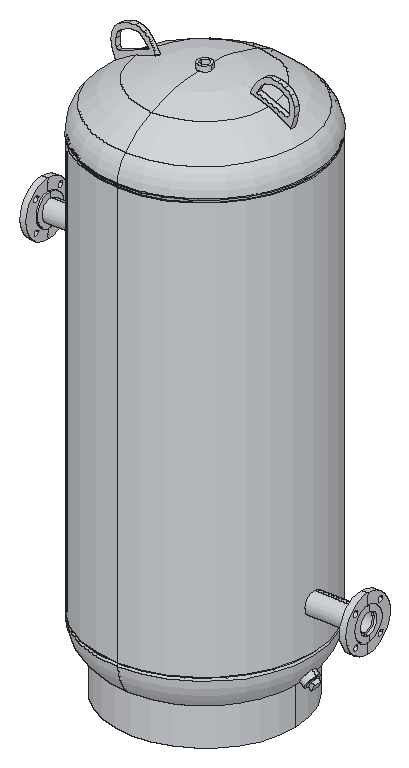
Revit family "HBT-120-2", category Generic Models, Revit 2014
Parameters (values of type "HBT-120-2")
  URL = "http://westank.com/"
  Tank Volume = 120 gal
  Part Number = 55621200
  Model = "HBT-120-2"
  Maximum Shipping Weight = 248.00 lbf
  Flange Connector Diameter = 2"
  F = 20"
  E = 13"
  Description = "Description - Wessels ASME 2-Port Hot Water Buffer Tanks (HBT) are designed for use with today’s high efficiency systems that incorporate small modular low-mass boiler."
  D = 19.99848"
  C = 36"
  B = 61.52553"
  A = 24"
Reference planes (in)
  plane 1 "Center (Front/Back)": y = 0
  plane 2: z = 0
  plane 3 "Center (Left/Right)": x = 0
  plane 4: through (12.55282, -180, 5.24135) normal (0.8192, 0, -0.5736)
  plane 5: x = -9.99904
  plane 6: x = 10.00096
  plane 7: x = -12
  plane 8: x = 12
  plane 9: y = 12
  plane 10: y = -12
  plane 11: z = 13
  plane 12: z = 61.52553
  plane 13: x = -18
  plane 14: x = 18
  plane 15: z = 41.52705
Forms (in)
  Revolve 1, solid
    sketch origin (0, 0, 0) x (0, 1, 0) y (0, 0, 1)
      loop
        arc (-9.83101, 4.11424) -> (-7.79074, 2.94425) -> (-5.56568, 2.18221) r 12.35166
        arc (-5.56568, 2.18221) -> (-4.72655, 1.99447) -> (-3.88233, 1.83116) r 29.62981
        arc (-3.88233, 1.83116) -> (-1.94875, 1.5746) -> (0, 1.4915) r 21.84895
        line (0, 1.4915) -> (0, 1.65929)
        arc (0, 1.65929) -> (-1.35631, 1.72935) -> (-2.7096, 1.84384) r 41.42336
        arc (-2.7096, 1.84384) -> (-4.29668, 2.07784) -> (-5.85586, 2.45541) r 17.59706
        arc (-5.85586, 2.45541) -> (-7.96801, 3.24984) -> (-9.93425, 4.35719) r 14.74916
        arc (-9.93425, 4.35719) -> (-11.28742, 5.80966) -> (-11.85018, 7.71336) r 4.32984
        arc (-11.85018, 7.71336) -> (-11.81699, 7.79381) -> (-11.76254, 7.86171) r 0.30676
        arc (-11.76254, 7.86171) -> (-11.65716, 8.06319) -> (-11.7003, 8.28643) r 0.3444
        line (-11.7003, 8.28643) -> (-11.84851, 8.28643) -> (-11.84851, 54.72861) -> (-11.64597, 54.72861)
        arc (-11.64597, 54.72861) -> (-11.68669, 55.00216) -> (-11.81863, 55.24521) r 0.7952
        arc (-11.81863, 55.24521) -> (-11.84499, 55.28251) -> (-11.86692, 55.32257) r 0.40051
        arc (-11.86692, 55.32257) -> (-11.57837, 56.65034) -> (-10.81368, 57.77351) r 3.5625
        arc (-10.81368, 57.77351) -> (-9.13055, 59.13541) -> (-7.20864, 60.13241) r 10.74973
        arc (-7.20864, 60.13241) -> (-3.66872, 61.12493) -> (0, 61.36283) r 17.65577
        line (0, 61.36283) -> (0, 61.51294)
        arc (0, 61.51294) -> (-3.69689, 61.27229) -> (-7.26395, 60.27184) r 17.80577
        arc (-7.26395, 60.27184) -> (-9.21268, 59.26093) -> (-10.9193, 57.88002) r 10.89973
        arc (-10.9193, 57.88002) -> (-11.72267, 56.6944) -> (-12.01747, 55.2929) r 3.7125
        arc (-12.01747, 55.2929) -> (-11.98199, 55.21933) -> (-11.93601, 55.15181) r 0.55051
        arc (-11.93601, 55.15181) -> (-11.85613, 55.02276) -> (-11.80861, 54.87861) r 0.6452
        line (-11.80861, 54.87861) -> (-11.99851, 54.87861) -> (-11.99851, 8.13643) -> (-11.80492, 8.13643)
        arc (-11.80492, 8.13643) -> (-11.81524, 8.04663) -> (-11.86505, 7.97121) r 0.1944
        arc (-11.86505, 7.97121) -> (-11.95237, 7.85922) -> (-12.00107, 7.72583) r 0.45676
        arc (-12.00107, 7.72583) -> (-11.36713, 5.64899) -> (-9.83101, 4.11424) r 4.47984
      axis (0, 1.4915) -> (0, 61.51294)
    angle from 0 to 360
  Revolve 2, solid
    sketch origin (0, 0, 0) x (1, 0, 0) y (0, 0, 1)
      loop
        line (11.71753, 6.11956) -> (11.66586, 6.1556) -> (11.25436, 5.56561) -> (11.86992, 5.13627) -> (12.24588, 5.6753) -> (12.19462, 5.71106) -> (12.31904, 5.88945) -> (11.80641, 6.24699) -> (11.71753, 6.11956)
      axis (11.25436, 5.56561) -> (11.86992, 5.13627)
    angle from 0 to 360
  Extrusion 3, solid
    sketch origin (12.55282, -180, 5.24135) x (0.573576, 0, 0.819152) y (0, -1, 0)
      loop
        line (-0.16036, -179.52645) -> (-0.95521, -179.68698) -> (-0.79485, -180.48095) -> (0, -180.32042) -> (-0.16036, -179.52645)
    from -1.04121 to 0
  Extrusion 4, solid
    sketch origin (-25.45452, 0.03229, 38.88211) x (0.366501, 0, -0.930418) y (0.930418, 0, 0.366501)
      loop
        line (-12.82064, 22.08626) -> (-12.82064, 26.94465)
        arc (-12.82064, 26.94465) -> (-13.60822, 26.92145) -> (-14.38531, 26.79125) r 5.77422
        arc (-14.38531, 26.79125) -> (-14.86294, 26.63871) -> (-15.31249, 26.41665) r 3.35288
        arc (-15.31249, 26.41665) -> (-15.71078, 26.10783) -> (-16.0196, 25.70954) r 2.0073
        arc (-16.0196, 25.70954) -> (-16.1734, 25.33049) -> (-16.25786, 24.93023) r 2.30742
        arc (-16.25786, 24.93023) -> (-16.28275, 24.51305) -> (-16.25786, 24.09587) r 3.50846
        arc (-16.25786, 24.09587) -> (-16.16409, 23.66992) -> (-15.98958, 23.27021) r 2.24053
        arc (-15.98958, 23.27021) -> (-15.64398, 22.82922) -> (-15.17996, 22.51523) r 1.8078
        arc (-15.17996, 22.51523) -> (-14.71318, 22.29708) -> (-14.21104, 22.1816) r 2.44481
        arc (-14.21104, 22.1816) -> (-13.51943, 22.0816) -> (-12.82064, 22.08626) r 4.65484
      loop
        arc (-13.68806, 26.39783) -> (-13.97874, 26.35375) -> (-14.26651, 26.29351) r 5.2625
        arc (-14.26651, 26.29351) -> (-14.67125, 26.16425) -> (-15.05219, 25.97608) r 2.84116
        arc (-15.05219, 25.97608) -> (-15.34361, 25.7513) -> (-15.57131, 25.46215) r 1.49558
        arc (-15.57131, 25.46215) -> (-15.68628, 25.17351) -> (-15.74977, 24.86938) r 1.7957
        arc (-15.74977, 24.86938) -> (-15.77103, 24.51305) -> (-15.74977, 24.15672) r 2.99674
        arc (-15.74977, 24.15672) -> (-15.67742, 23.82805) -> (-15.54277, 23.51963) r 1.72881
        arc (-15.54277, 23.51963) -> (-15.28549, 23.1947) -> (-14.93881, 22.9676) r 1.29608
        arc (-14.93881, 22.9676) -> (-14.54787, 22.78137) -> (-14.12528, 22.68683) r 1.9331
        arc (-14.12528, 22.68683) -> (-13.90768, 22.64313) -> (-13.68806, 22.61114) r 4.14312
        line (-13.68806, 22.61114) -> (-13.68806, 26.39783)
    from -0.21772 to 0.28228
  Extrusion 5, solid
    sketch origin (0, 0, 0) x (1, 0, 0) y (0, 1, 0)
      loop
        circle (0, 0) r 0.75
      loop
        circle (0, 0) r 0.5
    from 61.52076 to 62.02076
  Extrusion 6, void
    sketch origin (0, 0, 0) x (1, 0, 0) y (0, 1, 0)
      loop
        circle (0, 0) r 0.5
    from 58.5833 to 62.3834
  Revolve 7, solid
    sketch origin (0, 0, 0) x (1, 0, 0) y (0, 0, 1)
      loop
        line (9.87706, 4.44941) -> (9.87706, 0) -> (10.00194, 0) -> (10.00194, 4.44941) -> (9.87706, 4.44941)
      axis (0, 4.44941) -> (0, 0)
    angle from 0 to 360
  Extrusion 8, void
    sketch origin (0, 0, 0.375) x (0, 1, 0) y (0, 0, 1)
      loop
        circle (0, 12.62305) r 1.03153
    from 1.16245 to 18.76515
  Revolve 9, solid
    sketch origin (-9.33973, 0, 0.5) x (1, 0, 0) y (0, 0, 1)
      loop
        line (26.33756, 11.31123) -> (26.33756, 10.96875) -> (26.58756, 10.96875) -> (26.58756, 9.50028) -> (27.27507, 9.50028) -> (27.27507, 10.6875) -> (27.33757, 10.6875) -> (27.33757, 11.31123) -> (26.33756, 11.31123)
      axis (27.33757, 12.5) -> (26.33756, 12.5)
    angle from 0 to 360
  Revolve 10, solid
    sketch origin (-6.04847, 0, 0.49805) x (-1, 0, 0) y (0, 0, 1)
      loop
        line (-17.17131, 11.46847) -> (-23.67131, 11.46847) -> (-23.67131, 11.31445) -> (-17.17131, 11.31445) -> (-17.17131, 11.46847)
      axis (-23.67131, 12.5) -> (-17.17131, 12.5)
    angle from 0 to 360
  Extrusion 11, void
    sketch origin (0, 0, 0) x (0, 1, 0) y (0, 0, 1)
      loop
        circle (1.68454, 14.67389) r 0.38273
      loop
        circle (-1.69766, 14.67389) r 0.37635
      loop
        circle (-1.66641, 11.31003) r 0.35289
      loop
        circle (1.70166, 11.31003) r 0.37084
    from 13.49462 to 18.49167
  Extrusion 12, solid
    sketch origin (25.46086, 0.03229, 38.81961) x (-0.366501, 0, -0.930418) y (0.930418, 0, -0.366501)
      loop
        arc (-12.84972, -22.08289) -> (-13.57544, -22.07172) -> (-14.29407, -22.17349) r 4.65484
        arc (-14.29407, -22.17349) -> (-14.76308, -22.28931) -> (-15.20025, -22.49491) r 2.44977
        arc (-15.20025, -22.49491) -> (-15.65911, -22.81) -> (-16.00115, -23.24914) r 1.81815
        arc (-16.00115, -23.24914) -> (-16.17757, -23.65291) -> (-16.27193, -24.08333) r 2.25018
        arc (-16.27193, -24.08333) -> (-16.29727, -24.50373) -> (-16.27216, -24.92414) r 3.51603
        arc (-16.27216, -24.92414) -> (-16.18735, -25.32673) -> (-16.03258, -25.70794) r 2.31381
        arc (-16.03258, -25.70794) -> (-15.72188, -26.10907) -> (-15.32072, -26.41974) r 2.01228
        arc (-15.32072, -26.41974) -> (-14.86909, -26.64305) -> (-14.38912, -26.79624) r 3.35634
        arc (-14.38912, -26.79624) -> (-13.62463, -26.92543) -> (-12.84972, -26.95109) r 5.7772
        line (-12.84972, -26.95109) -> (-12.84972, -22.08289)
      loop
        line (-13.68806, -26.39783) -> (-13.68806, -22.61114)
        arc (-13.68806, -22.61114) -> (-13.90768, -22.64313) -> (-14.12528, -22.68683) r 4.14312
        arc (-14.12528, -22.68683) -> (-14.54787, -22.78137) -> (-14.93881, -22.9676) r 1.9331
        arc (-14.93881, -22.9676) -> (-15.28549, -23.1947) -> (-15.54277, -23.51963) r 1.29608
        arc (-15.54277, -23.51963) -> (-15.67742, -23.82805) -> (-15.74977, -24.15672) r 1.72881
        arc (-15.74977, -24.15672) -> (-15.77103, -24.51305) -> (-15.74977, -24.86938) r 2.99674
        arc (-15.74977, -24.86938) -> (-15.68628, -25.17351) -> (-15.57131, -25.46215) r 1.7957
        arc (-15.57131, -25.46215) -> (-15.34361, -25.7513) -> (-15.05219, -25.97608) r 1.49558
        arc (-15.05219, -25.97608) -> (-14.67125, -26.16425) -> (-14.26651, -26.29351) r 2.84116
        arc (-14.26651, -26.29351) -> (-13.97874, -26.35375) -> (-13.68806, -26.39783) r 5.2625
    from -0.21772 to 0.28228
  Revolve 13, solid
    sketch origin (7.99166, 0, 28.81053) x (-1, 0, 0) y (0, 0, 1)
      loop
        line (24.99382, 11.53157) -> (24.99382, 10.96875) -> (25.24382, 10.96875) -> (25.24382, 9.71837) -> (25.93132, 9.71837) -> (25.93132, 10.90594) -> (25.99382, 10.90594) -> (25.99382, 11.53157) -> (24.99382, 11.53157)
      axis (25.99382, 12.71652) -> (24.99382, 12.71652)
    angle from 0 to 360
  Revolve 14, solid
    sketch origin (6.04415, 0, 29.02705) x (1, 0, 0) y (0, 0, 1)
      loop
        line (-17.17131, 11.46847) -> (-23.67131, 11.46847) -> (-23.67131, 11.31445) -> (-17.17131, 11.31445) -> (-17.17131, 11.46847)
      axis (-23.67131, 12.5) -> (-17.17131, 12.5)
    angle from 0 to 360
  Extrusion 15, void
    sketch origin (-2.00308, 0, 28.529) x (0, 1, 0) y (0, 0, -1)
      loop
        circle (1.68454, -14.67389) r 0.38273
      loop
        circle (-1.69766, -14.67389) r 0.37635
      loop
        circle (-1.66641, -11.31003) r 0.35289
      loop
        circle (1.70166, -11.31003) r 0.37084
    from 13.49462 to 18.49167
  Extrusion 16, void
    sketch origin (-22.25, 0, 28.904) x (0, 1, 0) y (0, 0, 1)
      loop
        circle (0, 12.62305) r 1.03153
    from 1.16245 to 18.76515
Cuts and joins
  Extrusion 11, Extrusion 16 cuts Extrusion 3
  Extrusion 11, Extrusion 16 cuts Extrusion 5
  Extrusion 11, Extrusion 16 cuts Revolve 7
  Extrusion 11, Extrusion 16 cuts Revolve 10
  joined: Extrusion 3, Extrusion 5, Revolve 7, Revolve 10
  Extrusion 11, Extrusion 15 cuts Revolve 9
  Extrusion 15 cuts Revolve 13
  Extrusion 6, Extrusion 8, Extrusion 11, Extrusion 16 cuts Revolve 1
  Extrusion 11, Extrusion 16 cuts Extrusion 4
  joined: Revolve 1, Extrusion 4, Extrusion 12
Dimensions and locks (in)
  "F": plane 6 to plane 5
  equal spacing: plane 8, plane 3 "Center (Left/Right)", plane 7
  "A": plane 8 to plane 7
  "E": plane 11 to plane 2
  "B": plane 12 to plane 2
  equal spacing: plane 14, plane 3 "Center (Left/Right)", plane 13
  "C": plane 14 to plane 13
  "D": plane 12 to plane 15
  aligned and locked: plane 2 to level
  aligned and locked: Revolve 1 sketch curve to Revolve 1 sketch curve
  aligned and locked: Revolve 7 sketch curve to plane 3 "Center (Left/Right)"
Automatic sketch dimensions
  Revolve 1 sketch curve to Revolve 1 sketch curve = 0"  (x30)
  Revolve 1 sketch curve to plane 1 "Center (Front/Back)" = 0"  (x2)
  plane 1 "Center (Front/Back)" to Revolve 1 sketch curve = 0.04449"
  plane 1 "Center (Front/Back)" to Revolve 1 sketch curve = 0.69809"
  plane 1 "Center (Front/Back)" to Revolve 1 sketch curve = 0.93901"
  plane 1 "Center (Front/Back)" to Revolve 1 sketch curve = 1.73475"
  plane 11 to Revolve 1 sketch curve = 1.19548"
  Revolve 1 sketch curve to Revolve 1 sketch curve = 0.95959"
  plane 1 "Center (Front/Back)" to Revolve 1 sketch curve = 3.24468"
  Revolve 1 sketch curve to plane 10 = 4.47284"
  Revolve 1 sketch curve to plane 10 = 3.69471"
  Revolve 1 sketch curve to plane 10 = 0.49477"
  Revolve 1 sketch curve to plane 10 = 0.44712"
  Revolve 1 sketch curve to plane 10 = 0.35403"
  Revolve 1 sketch curve to plane 10 = 0.2997"
  Revolve 1 sketch curve to Revolve 1 sketch curve = 0.10462"
  Revolve 1 sketch curve to plane 10 = 49/256"
  Revolve 1 sketch curve to plane 10 = 0.15149"
  Revolve 1 sketch curve to plane 10 = 0.00208"
  Revolve 1 sketch curve to plane 10 = 0.00149"
  plane 10 to Revolve 1 sketch curve = 0.44088"
  Revolve 1 sketch curve to plane 1 "Center (Front/Back)" = 1.32224"
  Revolve 1 sketch curve to plane 1 "Center (Front/Back)" = 1.45836"
  Revolve 1 sketch curve to plane 11 = 4.71357"
  Revolve 1 sketch curve to Revolve 1 sketch curve = 0.15"  (x2)
  Revolve 1 sketch curve to Revolve 1 sketch curve = 0.02331"
  Revolve 1 sketch curve to Revolve 1 sketch curve = 0.33015"
  Revolve 1 sketch curve to Revolve 1 sketch curve = 0.49864"
  level to Revolve 1 sketch curve = 1.65929"
  Revolve 1 sketch curve to Revolve 1 sketch curve = 0.16779"
  Revolve 1 sketch curve to Revolve 1 sketch curve = 2.42164"
  Revolve 1 sketch curve to Revolve 1 sketch curve = 2.73447"
  Revolve 1 sketch curve to Revolve 1 sketch curve = 3.98882"
  Revolve 1 sketch curve to Revolve 1 sketch curve = 7.65989"
  plane 15 to Revolve 1 sketch curve = 1.52993"
  plane 15 to Revolve 1 sketch curve = 2.19381"
  Revolve 1 sketch curve to Revolve 1 sketch curve = 6.41936"
  Revolve 1 sketch curve to plane 12 = 6.79692"
  Revolve 1 sketch curve to Revolve 1 sketch curve = 0.02147"
  Revolve 1 sketch curve to Revolve 1 sketch curve = 0.5152"
  Revolve 1 sketch curve to Revolve 1 sketch curve = 0.61597"
  Revolve 1 sketch curve to plane 12 = 0.1627"
  Revolve 1 sketch curve to plane 12 = 0.01259"
  Revolve 1 sketch curve to Revolve 1 sketch curve = 0.10324"
  plane 12 to Revolve 1 sketch curve = 0.04778"
  Revolve 2 sketch curve to plane 8 = 0.74564"
  Revolve 2 sketch curve to plane 8 = 0.33414"
  Revolve 2 sketch curve to Revolve 2 sketch curve = 0.05167"
  Revolve 2 sketch curve to Revolve 2 sketch curve = 0.08888"
  Revolve 2 sketch curve to plane 8 = 0.13008"
  plane 8 to Revolve 2 sketch curve = 0.19462"
  Revolve 2 sketch curve to Revolve 2 sketch curve = 0.05126"
  level to Revolve 2 sketch curve = 5.13627"
  Revolve 2 sketch curve to Revolve 2 sketch curve = 0.42934"
  Revolve 2 sketch curve to Revolve 2 sketch curve = 0.12768"
  Revolve 2 sketch curve to Revolve 2 sketch curve = 0"  (x2)
  Revolve 2 sketch curve to Revolve 2 sketch curve = 0.08905"
  plane 1 "Center (Front/Back)" to Extrusion 3 sketch curve = 0.31302"
  Extrusion 3 sketch curve to plane 1 "Center (Front/Back)" = 0.48095"
  Extrusion 3 sketch curve to Extrusion 3 sketch curve = 0.16036"  (x2)
  plane 1 "Center (Front/Back)" to Extrusion 3 sketch curve = 0.47355"
  Extrusion 3 sketch curve to Extrusion 3 sketch curve = 0.79485"
  Extrusion 3 sketch curve to plane 1 "Center (Front/Back)" = 0.32042"
  Extrusion 4 sketch curve to Extrusion 4 sketch curve = 0"  (x24)
  Extrusion 4 sketch curve to plane 12 = 0.3836"
  plane 5 to Extrusion 4 sketch curve = 1.7337"
  Extrusion 4 sketch curve to Extrusion 4 sketch curve = 0.11966"
  Extrusion 4 sketch curve to Extrusion 4 sketch curve = 0.25819"
  Extrusion 4 sketch curve to Extrusion 4 sketch curve = 17/256"
  Extrusion 4 sketch curve to Extrusion 4 sketch curve = 0.04958"
  Extrusion 4 sketch curve to Extrusion 4 sketch curve = 0.27875"
  Extrusion 4 sketch curve to Extrusion 4 sketch curve = 0.08113"
  Extrusion 4 sketch curve to Extrusion 4 sketch curve = 0.86741"
  Extrusion 4 sketch curve to Extrusion 4 sketch curve = 0.38034"
  Extrusion 4 sketch curve to Extrusion 4 sketch curve = 0.22417"
  Extrusion 4 sketch curve to Extrusion 4 sketch curve = 1.14294"
  Extrusion 4 sketch curve to Extrusion 4 sketch curve = 0.62139"
  Extrusion 4 sketch curve to Extrusion 4 sketch curve = 0.91883"
  Extrusion 4 sketch curve to Extrusion 4 sketch curve = 0.52488"
  Extrusion 4 sketch curve to Extrusion 4 sketch curve = 0.91147"
  Extrusion 4 sketch curve to Extrusion 4 sketch curve = 27/128"
  Extrusion 4 sketch curve to Extrusion 4 sketch curve = 0.15076"
  Extrusion 4 sketch curve to Extrusion 4 sketch curve = 0.24641"
  Extrusion 4 sketch curve to Extrusion 4 sketch curve = 0.04716"
  Extrusion 4 sketch curve to Extrusion 4 sketch curve = 0.0326"
  Extrusion 4 sketch curve to Extrusion 4 sketch curve = 1.74197"
  Extrusion 4 sketch curve to Extrusion 4 sketch curve = 0.32771"
  Extrusion 4 sketch curve to Extrusion 4 sketch curve = 0.21912"
  Extrusion 4 sketch curve to Extrusion 4 sketch curve = 0.52775"
  Extrusion 4 sketch curve to Extrusion 4 sketch curve = 0.78568"
  Extrusion 4 sketch curve to Extrusion 4 sketch curve = 0.24115"
  Extrusion 4 sketch curve to Extrusion 4 sketch curve = 0.2603"
  Extrusion 4 sketch curve to Extrusion 4 sketch curve = 0.60395"
  Extrusion 4 sketch curve to Extrusion 4 sketch curve = 0.51913"
  Extrusion 4 sketch curve to Extrusion 4 sketch curve = 0.44682"
  Extrusion 4 sketch curve to Extrusion 4 sketch curve = 0.44829"
  Extrusion 5 sketch curve to Extrusion 5 sketch curve = 0"  (x2)
  plane 1 "Center (Front/Back)" to Extrusion 5 sketch curve = 0"
  Extrusion 5 sketch curve to plane 3 "Center (Left/Right)" = 0"
  Extrusion 6 sketch curve to Extrusion 6 sketch curve = 0"  (x2)
  plane 1 "Center (Front/Back)" to Extrusion 6 sketch curve = 0"
  Extrusion 6 sketch curve to plane 3 "Center (Left/Right)" = 0"
  Extrusion 6 sketch curve to plane 3 "Center (Left/Right)" = 1/2"
  Revolve 7 sketch curve to level = 0"
  Revolve 7 sketch curve to plane 6 = 0.12391"
  plane 6 to Revolve 7 sketch curve = 0.00098"
  level to Revolve 7 sketch curve = 4.44941"
  level to Revolve 7 sketch curve = 4.69941"
  Revolve 7 sketch curve to Revolve 7 sketch curve = 1"
  Extrusion 8 sketch curve to Extrusion 8 sketch curve = 0"  (x2)
  Extrusion 8 sketch curve to plane 1 "Center (Front/Back)" = 0"
  Extrusion 8 sketch curve to plane 11 = 0.00195"
  Extrusion 8 sketch curve to Extrusion 8 sketch curve = 1.03153"
  Revolve 9 sketch curve to plane 11 = 0"
  Revolve 9 sketch curve to plane 14 = 1.00217"
  Revolve 9 sketch curve to plane 14 = 0.75217"
  Revolve 9 sketch curve to plane 14 = 0.06466"
  Revolve 9 sketch curve to plane 14 = 0.00216"
  Revolve 9 sketch curve to plane 11 = 1.18877"
  Revolve 9 sketch curve to Revolve 9 sketch curve = 0.34248"
  Revolve 9 sketch curve to Revolve 9 sketch curve = 0.62373"
  Revolve 9 sketch curve to Revolve 9 sketch curve = 1.18722"
  plane 3 "Center (Left/Right)" to Revolve 9 sketch curve = 4.84212"
  Revolve 9 sketch curve to Revolve 9 sketch curve = 0.68278"
  plane 14 to Revolve 10 sketch curve = 0.37716"
  plane 8 to Revolve 10 sketch curve = 0.87716"
  plane 11 to Revolve 10 sketch curve = 1 3/16"
  Revolve 10 sketch curve to Revolve 10 sketch curve = 0.15401"
  plane 11 to Revolve 10 sketch curve = 0.00195"
  plane 6 to Revolve 10 sketch curve = 2.97126"
  Revolve 10 sketch curve to Revolve 10 sketch curve = 0.36015"
  plane 1 "Center (Front/Back)" to Extrusion 11 sketch curve = 1.69766"
  plane 1 "Center (Front/Back)" to Extrusion 11 sketch curve = 1.66641"
  Extrusion 11 sketch curve to plane 1 "Center (Front/Back)" = 1.68454"
  Extrusion 11 sketch curve to plane 1 "Center (Front/Back)" = 1.70166"
  Extrusion 11 sketch curve to plane 11 = 1.68997"  (x2)
  plane 11 to Extrusion 11 sketch curve = 1.67389"  (x2)
  Extrusion 12 sketch curve to plane 12 = 0.45115"
  Extrusion 12 sketch curve to plane 6 = 1.71219"
  Extrusion 12 sketch curve to Extrusion 12 sketch curve = 0.00157"
  Extrusion 12 sketch curve to Extrusion 12 sketch curve = 0.11202"
  Extrusion 12 sketch curve to Extrusion 12 sketch curve = 0.00764"
  Extrusion 12 sketch curve to Extrusion 12 sketch curve = 0.37374"
  Extrusion 12 sketch curve to Extrusion 12 sketch curve = 0.0041"
  Extrusion 12 sketch curve to Extrusion 12 sketch curve = 0.05862"
  Extrusion 12 sketch curve to Extrusion 12 sketch curve = 0.00779"
  Extrusion 12 sketch curve to Extrusion 12 sketch curve = 0.03045"
  Extrusion 12 sketch curve to Extrusion 12 sketch curve = 0.02692"
  Extrusion 12 sketch curve to Extrusion 12 sketch curve = 0.72458"
  Extrusion 12 sketch curve to Extrusion 12 sketch curve = 0.42586"
  Extrusion 12 sketch curve to Extrusion 12 sketch curve = 0.00454"
  Extrusion 12 sketch curve to Extrusion 12 sketch curve = 0.40405"
  Extrusion 12 sketch curve to Extrusion 12 sketch curve = 0.43429"
  Extrusion 12 sketch curve to Extrusion 12 sketch curve = 0.08303"
  Extrusion 12 sketch curve to Extrusion 12 sketch curve = 0.19669"
  Extrusion 12 sketch curve to Extrusion 12 sketch curve = 0.0016"
  Extrusion 12 sketch curve to Extrusion 12 sketch curve = 1.13598"
  Extrusion 12 sketch curve to Extrusion 12 sketch curve = 0.00695"
  Extrusion 12 sketch curve to Extrusion 12 sketch curve = 0.01776"
  Extrusion 12 sketch curve to Extrusion 12 sketch curve = 0.19628"
  Extrusion 12 sketch curve to Extrusion 12 sketch curve = 0.01464"
  Extrusion 12 sketch curve to Extrusion 12 sketch curve = 0.14239"
  Extrusion 12 sketch curve to Extrusion 12 sketch curve = 0.00838"
  Extrusion 12 sketch curve to Extrusion 12 sketch curve = 0.23586"
  Extrusion 12 sketch curve to Extrusion 12 sketch curve = 0.01056"
  Extrusion 12 sketch curve to Extrusion 12 sketch curve = 0.05225"
  Extrusion 12 sketch curve to Extrusion 12 sketch curve = 0.00547"
  Extrusion 12 sketch curve to Extrusion 12 sketch curve = 0.03573"
  Extrusion 12 sketch curve to Extrusion 12 sketch curve = 0.00234"
  Extrusion 12 sketch curve to Extrusion 12 sketch curve = 1.74197"
  Extrusion 12 sketch curve to Extrusion 12 sketch curve = 0.3196"
  Extrusion 12 sketch curve to Extrusion 12 sketch curve = 0.00811"
  Extrusion 12 sketch curve to Extrusion 12 sketch curve = 0.22555"
  Extrusion 12 sketch curve to Extrusion 12 sketch curve = 209/256"
  Extrusion 12 sketch curve to Extrusion 12 sketch curve = 0.00125"
  Extrusion 12 sketch curve to Extrusion 12 sketch curve = 0.91883"
  Extrusion 12 sketch curve to Extrusion 12 sketch curve = 0.52826"
  Extrusion 12 sketch curve to Extrusion 12 sketch curve = 0.90565"
  Extrusion 12 sketch curve to Extrusion 12 sketch curve = 0.00245"
  Extrusion 12 sketch curve to Extrusion 12 sketch curve = 0.52617"
  Extrusion 12 sketch curve to Extrusion 12 sketch curve = 0.78568"
  Extrusion 12 sketch curve to Extrusion 12 sketch curve = 0"  (x3)
  Extrusion 12 sketch curve to Extrusion 12 sketch curve = 0.26143"
  Extrusion 12 sketch curve to Extrusion 12 sketch curve = 0.26854"
  Extrusion 12 sketch curve to Extrusion 12 sketch curve = 0.60395"
  Extrusion 12 sketch curve to Extrusion 12 sketch curve = 0.51913"
  Extrusion 12 sketch curve to Extrusion 12 sketch curve = 0.45838"
  Extrusion 12 sketch curve to Extrusion 12 sketch curve = 0.46127"
  Extrusion 12 sketch curve to Extrusion 12 sketch curve = 0.52216"
  Extrusion 12 sketch curve to Extrusion 12 sketch curve = 0.52239"
  Extrusion 12 sketch curve to Extrusion 12 sketch curve = 0.12261"
  Revolve 13 sketch curve to plane 15 = 0"
  Revolve 13 sketch curve to plane 13 = 0.99785"
  Revolve 13 sketch curve to plane 13 = 0.74785"
  Revolve 13 sketch curve to plane 13 = 0.06034"
  plane 13 to Revolve 13 sketch curve = 0.00216"
  plane 15 to Revolve 13 sketch curve = 1.18495"
  Revolve 13 sketch curve to Revolve 13 sketch curve = 0.56282"
  Revolve 13 sketch curve to Revolve 13 sketch curve = 0.62563"
  Revolve 13 sketch curve to Revolve 13 sketch curve = 1.25038"
  Revolve 13 sketch curve to plane 7 = 0.87284"
  plane 3 "Center (Left/Right)" to Revolve 13 sketch curve = 3.87716"
  Revolve 14 sketch curve to plane 15 = 0"
  plane 13 to Revolve 14 sketch curve = 0.37284"
  plane 7 to Revolve 14 sketch curve = 0.87284"
  Revolve 14 sketch curve to plane 15 = 1.03153"
  Revolve 14 sketch curve to Revolve 14 sketch curve = 0.15401"
  Revolve 14 sketch curve to plane 5 = 0.87812"
  Revolve 14 sketch curve to plane 5 = 0.12812"
  plane 1 "Center (Front/Back)" to Extrusion 15 sketch curve = 1.69766"
  plane 1 "Center (Front/Back)" to Extrusion 15 sketch curve = 1.66641"
  Extrusion 15 sketch curve to plane 1 "Center (Front/Back)" = 1.68454"
  Extrusion 15 sketch curve to plane 1 "Center (Front/Back)" = 1.70166"
  plane 15 to Extrusion 15 sketch curve = 1.67584"  (x2)
  Extrusion 15 sketch curve to plane 15 = 1.68801"  (x2)
  Extrusion 16 sketch curve to Extrusion 16 sketch curve = 0"  (x2)
  Extrusion 16 sketch curve to plane 1 "Center (Front/Back)" = 0"
  Extrusion 16 sketch curve to plane 15 = 0"
  Extrusion 16 sketch curve to Extrusion 16 sketch curve = 1.03153"
  radius of Extrusion 5 sketch curve = 3/4"
  radius of Extrusion 5 sketch curve = 1/2"
  radius of Extrusion 11 sketch curve = 0.38273"
  radius of Extrusion 11 sketch curve = 0.37635"
  radius of Extrusion 11 sketch curve = 0.35289"
  radius of Extrusion 11 sketch curve = 0.37084"
  radius of Extrusion 15 sketch curve = 0.38273"
  radius of Extrusion 15 sketch curve = 0.37635"
  radius of Extrusion 15 sketch curve = 0.35289"
  radius of Extrusion 15 sketch curve = 0.37084"
Connectors (in)
  piping at (17.93534, 0, 13), diameter 2, driven by "Flange Connector Diameter"
    settings: on Revolve 9, index 1, connector inside diameter 24", connector length 0", flow factor 0, pipe flow 0 GPM, pressure drop 0.00 psi, fitting loss kfactor 0, connector angle 0.00°, fixture units 0, engagement length 0", angle of deflection 0.00°, flow configuration 0, flow direction 0, fitting loss method 0, system type 7, joint type 0, gender type 0, connector reference index -1, connector utility 0, adjustable connector no, is connector primary yes, connector description ""
  piping at (-18.00216, 0, 41.52705), diameter 2, driven by "Flange Connector Diameter"
    settings: on Revolve 13, index 2, connector inside diameter 24", connector length 0", flow factor 0, pipe flow 0 GPM, pressure drop 0.00 psi, fitting loss kfactor 0, connector angle 0.00°, fixture units 0, engagement length 0", angle of deflection 0.00°, flow configuration 0, flow direction 0, fitting loss method 0, system type 7, joint type 0, gender type 0, connector reference index -1, connector utility 0, adjustable connector no, is connector primary no, connector description ""
